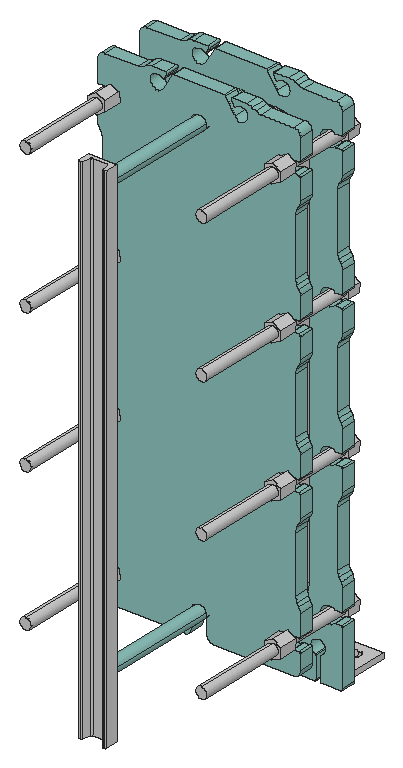
Revit family "Ekin_Endüstriyel - MIT509", category Specialty Equipment, Revit 2022
Family settings
  Round Connector Dimension = Use Diameter
  Part Type = Normal
  Work Plane-Based = No
  Always vertical = No
  Cut with Voids When Loaded = No
  Maintain Annotation Orientation = No
  Shared = No
  Room Calculation Point = No
Parameters (values of type "Threaded")
  URL = "https://en.ekinendustriyel.com/plate-heat-exchanger"
  Type Comments = ""
  Tightening Bolt [instance] = if(Design Pressure < 1006634.6 Pa, 16.00 mm, 30.00 mm)  # 16.00 mm
  Threaded Connection = yes
  Thickness_of_Plate [instance] = 0.50 mm  # constant formula
  Number_of_Plate [instance] = 20
  Model = if(Threaded Connection, if(Hygienic, if(Design Pressure < 1100000.0 Pa, "H12340000DD50L", if(Design Pressure < 1600000.0 Pa, " H12340000DD50M", " H12340000DD50H")), if(Design Pressure < 1000000.0 Pa, "E1234000DD50L", if(Design Pressure < 1600000.0 Pa, " E12340000DD50M", " E12340000DD50H"))), if(Hygienic, if(Design Pressure < 1100000.0 Pa, "H12340000F50L", if(Design Pressure < 1600000.0 Pa, " H12340000F50M", " H12340000F50H")), if(Design Pressure < 1000000.0 Pa, "E12340000F50L", if(Design Pressure < 1600000.0 Pa, " E12340000F50M", " E12340000F50H"))))  # "H12340000DD50L"
  Material = Galvanized Steel- S235JR
  Manufacturer = "Ekin Endüstriyel"
  M30 [instance] = Design Pressure > 999739.8 Pa  # no
  M16 = Design Pressure < 999739.8 Pa  # yes
  Lk [instance] = (Number_of_Plate) * ((Thickness_of_Plate) + 2.30 mm)  # 56.00 mm
  Lh [instance] = 765.00 mm  # constant formula
  Lf [instance] = 715.00 mm  # constant formula
  Lc [instance] = if(Number_of_Plate < 41, 250.00 mm, if(Number_of_Plate < 71, 350.00 mm, if(Number_of_Plate < 106, 500.00 mm, if(Number_of_Plate < 171, 750.00 mm, 1000.00 mm))))  # 250.00 mm
  La [instance] = 292.00 mm  # constant formula
  Keynote = ""
  Industrial [instance] = not(Hygienic)  # no
  Hygienic = yes
  Head & Follower Plate [instance] = if(Design Pressure < 1006634.6 Pa, 20.00 mm, if(Design Pressure < 1606478.4 Pa, 25.00 mm, 30.00 mm))  # 20.00 mm
  Follower Plate [instance] = -(Head & Follower Plate)  # -20.00 mm
  Flange Connection [instance] = not(Threaded Connection)  # no
  Design Pressure = 101.526 psi
  Description = if(Design Pressure < 1006634.6 Pa, "MIT - Heat Exchanger - 10 bar", if(Design Pressure < 1599583.7 Pa, " MIT - Heat Exchanger - 16 bar", " MIT - Heat Exchanger - 25 bar"))  # "MIT - Heat Exchanger - 10 bar"
  Default Elevation = 0.00 mm
Reference planes
  plane 1 "Center (Front/Back)": y = 0
  plane 2: z = 0
  plane 3 "Center (Left/Right)": x = 0
  plane 4: x = 1160
  plane 5: x = -1000
  plane 6 "2": y = -76
  plane 7 "1": y = -20
  plane 8 "3": y = -270
  plane 9 "Bolt End": y = 18.7
  plane 10: y = -250
Forms (mm)
  Extrusion 1, solid, material "Galvanized Steel", detail levels fine
    sketch origin (0, 0, 0) x (1, 0, 0) y (0, 0, 1)
      loop
        arc (48.453, 765) -> (46.721, 764) -> (46.721, 762) r 2
        line (46.721, 762) -> (49.979, 756.357)
        arc (49.979, 756.357) -> (51.39, 755.383) -> (53.037, 755.86) r 2
        arc (53.037, 755.86) -> (70.364, 746.316) -> (50.907, 742.75) r 10.5
        line (50.907, 742.75) -> (38.638, 764)
        arc (38.638, 764) -> (37.906, 764.732) -> (36.906, 765) r 2
        line (36.906, 765) -> (-36.906, 765)
        arc (-36.906, 765) -> (-37.906, 764.732) -> (-38.638, 764) r 2
        line (-38.638, 764) -> (-50.907, 742.75)
        arc (-50.907, 742.75) -> (-70.364, 746.316) -> (-53.037, 755.86) r 10.5
        arc (-53.037, 755.86) -> (-51.39, 755.383) -> (-49.979, 756.357) r 2
        line (-49.979, 756.357) -> (-46.721, 762)
        arc (-46.721, 762) -> (-46.721, 764) -> (-48.453, 765) r 2
        line (-48.453, 765) -> (-68.981, 765)
        arc (-68.981, 765) -> (-72.863, 764.489) -> (-76.481, 762.99) r 15
        line (-76.481, 762.99) -> (-81.644, 760.01)
        arc (-81.644, 760.01) -> (-85.261, 758.511) -> (-89.144, 758) r 15
        line (-89.144, 758) -> (-136, 758)
        arc (-136, 758) -> (-143.071, 755.071) -> (-146, 748) r 10
        line (-146, 748) -> (-146, 718.25)
        arc (-146, 718.25) -> (-145.414, 716.836) -> (-144, 716.25) r 2
        line (-144, 716.25) -> (-135.769, 716.25)
        arc (-135.769, 716.25) -> (-135.087, 716.37) -> (-134.487, 716.714) r 2
        arc (-134.487, 716.714) -> (-114.8, 707.5) -> (-134.487, 698.286) r 12
        arc (-134.487, 698.286) -> (-135.087, 698.63) -> (-135.769, 698.75) r 2
        line (-135.769, 698.75) -> (-144, 698.75)
        arc (-144, 698.75) -> (-145.414, 698.164) -> (-146, 696.75) r 2
        line (-146, 696.75) -> (-146, 666.144)
        arc (-146, 666.144) -> (-145.489, 662.261) -> (-143.99, 658.644) r 15
        line (-143.99, 658.644) -> (-141.01, 653.481)
        arc (-141.01, 653.481) -> (-139.511, 649.863) -> (-139, 645.981) r 15
        line (-139, 645.981) -> (-139, 564.019)
        arc (-139, 564.019) -> (-139.511, 560.137) -> (-141.01, 556.519) r 15
        line (-141.01, 556.519) -> (-143.99, 551.356)
        arc (-143.99, 551.356) -> (-145.489, 547.739) -> (-146, 543.856) r 15
        line (-146, 543.856) -> (-146, 513.25)
        arc (-146, 513.25) -> (-145.414, 511.836) -> (-144, 511.25) r 2
        line (-144, 511.25) -> (-135.769, 511.25)
        arc (-135.769, 511.25) -> (-135.087, 511.37) -> (-134.487, 511.714) r 2
        arc (-134.487, 511.714) -> (-114.8, 502.5) -> (-134.487, 493.286) r 12
        arc (-134.487, 493.286) -> (-135.087, 493.63) -> (-135.769, 493.75) r 2
        line (-135.769, 493.75) -> (-144, 493.75)
        arc (-144, 493.75) -> (-145.414, 493.164) -> (-146, 491.75) r 2
        line (-146, 491.75) -> (-146, 461.144)
        arc (-146, 461.144) -> (-145.489, 457.261) -> (-143.99, 453.644) r 15
        line (-143.99, 453.644) -> (-141.01, 448.481)
        arc (-141.01, 448.481) -> (-139.511, 444.863) -> (-139, 440.981) r 15
        line (-139, 440.981) -> (-139, 359.019)
        arc (-139, 359.019) -> (-139.511, 355.137) -> (-141.01, 351.519) r 15
        line (-141.01, 351.519) -> (-143.99, 346.356)
        arc (-143.99, 346.356) -> (-145.489, 342.739) -> (-146, 338.856) r 15
        line (-146, 338.856) -> (-146, 308.25)
        arc (-146, 308.25) -> (-145.414, 306.836) -> (-144, 306.25) r 2
        line (-144, 306.25) -> (-135.769, 306.25)
        arc (-135.769, 306.25) -> (-135.087, 306.37) -> (-134.487, 306.714) r 2
        arc (-134.487, 306.714) -> (-114.8, 297.5) -> (-134.487, 288.286) r 12
        arc (-134.487, 288.286) -> (-135.087, 288.63) -> (-135.769, 288.75) r 2
        line (-135.769, 288.75) -> (-144, 288.75)
        arc (-144, 288.75) -> (-145.414, 288.164) -> (-146, 286.75) r 2
        line (-146, 286.75) -> (-146, 256.144)
        arc (-146, 256.144) -> (-145.489, 252.261) -> (-143.99, 248.644) r 15
        line (-143.99, 248.644) -> (-141.01, 243.481)
        arc (-141.01, 243.481) -> (-139.511, 239.863) -> (-139, 235.981) r 15
        line (-139, 235.981) -> (-139, 154.019)
        arc (-139, 154.019) -> (-139.511, 150.137) -> (-141.01, 146.519) r 15
        line (-141.01, 146.519) -> (-143.99, 141.356)
        arc (-143.99, 141.356) -> (-145.489, 137.739) -> (-146, 133.856) r 15
        line (-146, 133.856) -> (-146, 103.25)
        arc (-146, 103.25) -> (-145.414, 101.836) -> (-144, 101.25) r 2
        line (-144, 101.25) -> (-135.769, 101.25)
        arc (-135.769, 101.25) -> (-135.087, 101.37) -> (-134.487, 101.714) r 2
        arc (-134.487, 101.714) -> (-114.8, 92.5) -> (-134.487, 83.286) r 12
        arc (-134.487, 83.286) -> (-135.087, 83.63) -> (-135.769, 83.75) r 2
        line (-135.769, 83.75) -> (-144, 83.75)
        arc (-144, 83.75) -> (-145.414, 83.164) -> (-146, 81.75) r 2
        line (-146, 81.75) -> (-146, 3)
        arc (-146, 3) -> (-145.121, 0.879) -> (-143, 0) r 3
        line (-143, 0) -> (-116, 0)
        arc (-116, 0) -> (-114.586, 0.586) -> (-114, 2) r 2
        line (-114, 2) -> (-114, 33.544)
        arc (-114, 33.544) -> (-114.327, 34.639) -> (-115.2, 35.377) r 2
        arc (-115.2, 35.377) -> (-111, 55.5) -> (-106.8, 35.377) r 10.5
        arc (-106.8, 35.377) -> (-107.673, 34.639) -> (-108, 33.544) r 2
        line (-108, 33.544) -> (-108, 2)
        arc (-108, 2) -> (-107.414, 0.586) -> (-106, 0) r 2
        line (-106, 0) -> (-79, 0)
        arc (-79, 0) -> (-76.879, 0.879) -> (-76, 3) r 3
        line (-76, 3) -> (-76, 18.787)
        arc (-76, 18.787) -> (-74.858, 24.527) -> (-71.607, 29.393) r 15
        line (-71.607, 29.393) -> (-55.393, 45.607)
        arc (-55.393, 45.607) -> (-50.527, 48.858) -> (-44.787, 50) r 15
        line (-44.787, 50) -> (44.787, 50)
        arc (44.787, 50) -> (50.527, 48.858) -> (55.393, 45.607) r 15
        line (55.393, 45.607) -> (71.607, 29.393)
        arc (71.607, 29.393) -> (74.858, 24.527) -> (76, 18.787) r 15
        line (76, 18.787) -> (76, 3)
        arc (76, 3) -> (76.879, 0.879) -> (79, 0) r 3
        line (79, 0) -> (106, 0)
        arc (106, 0) -> (107.414, 0.586) -> (108, 2) r 2
        line (108, 2) -> (108, 33.544)
        arc (108, 33.544) -> (107.673, 34.639) -> (106.8, 35.377) r 2
        arc (106.8, 35.377) -> (111, 55.5) -> (115.2, 35.377) r 10.5
        arc (115.2, 35.377) -> (114.327, 34.639) -> (114, 33.544) r 2
        line (114, 33.544) -> (114, 2)
        arc (114, 2) -> (114.586, 0.586) -> (116, 0) r 2
        line (116, 0) -> (143, 0)
        arc (143, 0) -> (145.121, 0.879) -> (146, 3) r 3
        line (146, 3) -> (146, 81.75)
        arc (146, 81.75) -> (145.414, 83.164) -> (144, 83.75) r 2
        line (144, 83.75) -> (135.769, 83.75)
        arc (135.769, 83.75) -> (135.087, 83.63) -> (134.487, 83.286) r 2
        arc (134.487, 83.286) -> (114.8, 92.5) -> (134.487, 101.714) r 12
        arc (134.487, 101.714) -> (135.087, 101.37) -> (135.769, 101.25) r 2
        line (135.769, 101.25) -> (144, 101.25)
        arc (144, 101.25) -> (145.414, 101.836) -> (146, 103.25) r 2
        line (146, 103.25) -> (146, 133.856)
        arc (146, 133.856) -> (145.489, 137.739) -> (143.99, 141.356) r 15
        line (143.99, 141.356) -> (141.01, 146.519)
        arc (141.01, 146.519) -> (139.511, 150.137) -> (139, 154.019) r 15
        line (139, 154.019) -> (139, 235.981)
        arc (139, 235.981) -> (139.511, 239.863) -> (141.01, 243.481) r 15
        line (141.01, 243.481) -> (143.99, 248.644)
        arc (143.99, 248.644) -> (145.489, 252.261) -> (146, 256.144) r 15
        line (146, 256.144) -> (146, 286.75)
        arc (146, 286.75) -> (145.414, 288.164) -> (144, 288.75) r 2
        line (144, 288.75) -> (135.769, 288.75)
        arc (135.769, 288.75) -> (135.087, 288.63) -> (134.487, 288.286) r 2
        arc (134.487, 288.286) -> (114.8, 297.5) -> (134.487, 306.714) r 12
        arc (134.487, 306.714) -> (135.087, 306.37) -> (135.769, 306.25) r 2
        line (135.769, 306.25) -> (144, 306.25)
        arc (144, 306.25) -> (145.414, 306.836) -> (146, 308.25) r 2
        line (146, 308.25) -> (146, 338.856)
        arc (146, 338.856) -> (145.489, 342.739) -> (143.99, 346.356) r 15
        line (143.99, 346.356) -> (141.01, 351.519)
        arc (141.01, 351.519) -> (139.511, 355.137) -> (139, 359.019) r 15
        line (139, 359.019) -> (139, 440.981)
        arc (139, 440.981) -> (139.511, 444.863) -> (141.01, 448.481) r 15
        line (141.01, 448.481) -> (143.99, 453.644)
        arc (143.99, 453.644) -> (145.489, 457.261) -> (146, 461.144) r 15
        line (146, 461.144) -> (146, 491.75)
        arc (146, 491.75) -> (145.414, 493.164) -> (144, 493.75) r 2
        line (144, 493.75) -> (135.769, 493.75)
        arc (135.769, 493.75) -> (135.087, 493.63) -> (134.487, 493.286) r 2
        arc (134.487, 493.286) -> (114.8, 502.5) -> (134.487, 511.714) r 12
        arc (134.487, 511.714) -> (135.087, 511.37) -> (135.769, 511.25) r 2
        line (135.769, 511.25) -> (144, 511.25)
        arc (144, 511.25) -> (145.414, 511.836) -> (146, 513.25) r 2
        line (146, 513.25) -> (146, 543.856)
        arc (146, 543.856) -> (145.489, 547.739) -> (143.99, 551.356) r 15
        line (143.99, 551.356) -> (141.01, 556.519)
        arc (141.01, 556.519) -> (139.511, 560.137) -> (139, 564.019) r 15
        line (139, 564.019) -> (139, 645.981)
        arc (139, 645.981) -> (139.511, 649.863) -> (141.01, 653.481) r 15
        line (141.01, 653.481) -> (143.99, 658.644)
        arc (143.99, 658.644) -> (145.489, 662.261) -> (146, 666.144) r 15
        line (146, 666.144) -> (146, 696.75)
        arc (146, 696.75) -> (145.414, 698.164) -> (144, 698.75) r 2
        line (144, 698.75) -> (135.769, 698.75)
        arc (135.769, 698.75) -> (135.087, 698.63) -> (134.487, 698.286) r 2
        arc (134.487, 698.286) -> (114.8, 707.5) -> (134.487, 716.714) r 12
        arc (134.487, 716.714) -> (135.087, 716.37) -> (135.769, 716.25) r 2
        line (135.769, 716.25) -> (144, 716.25)
        arc (144, 716.25) -> (145.414, 716.836) -> (146, 718.25) r 2
        line (146, 718.25) -> (146, 748)
        arc (146, 748) -> (143.071, 755.071) -> (136, 758) r 10
        line (136, 758) -> (89.144, 758)
        arc (89.144, 758) -> (85.261, 758.511) -> (81.644, 760.01) r 15
        line (81.644, 760.01) -> (76.481, 762.99)
        arc (76.481, 762.99) -> (72.863, 764.489) -> (68.981, 765) r 15
        line (68.981, 765) -> (48.453, 765)
      loop
        circle (50, 673) r 32
      loop
        circle (0, 716) r 6.25
      loop
        circle (50, 127) r 32
      loop
        circle (0, 84) r 9.5
      loop
        circle (-50, 673) r 32
      loop
        circle (-50, 127) r 32
    from 0 to 20 <- "Head & Follower Plate"
  Extrusion 2, solid, material "AISI 316L/Titanium/Hastelloy", detail levels fine
    sketch origin (0, -20, 0) x (-1, 0, 0) y (0, 0, 1)
      loop
        arc (-50, 721) -> (-83.234, 707.234) -> (-97, 674) r 47
        line (-97, 674) -> (-97, 123)
        arc (-97, 123) -> (-83.234, 89.766) -> (-50, 76) r 47
        line (-50, 76) -> (-9.5, 76) -> (-9.5, 83)
        arc (-9.5, 83) -> (0, 92.5) -> (9.5, 83) r 9.5
        line (9.5, 83) -> (9.5, 76) -> (50, 76)
        arc (50, 76) -> (83.234, 89.766) -> (97, 123) r 47
        line (97, 123) -> (97, 674)
        arc (97, 674) -> (83.234, 707.234) -> (50, 721) r 47
        line (50, 721) -> (9.5, 721) -> (9.5, 713)
        arc (9.5, 713) -> (0, 703.5) -> (-9.5, 713) r 9.5
        line (-9.5, 713) -> (-9.5, 721) -> (-50, 721)
      loop
        circle (-50, 127) r 32
      loop
        circle (50, 127) r 32
      loop
        circle (50, 673) r 32
      loop
        circle (-50, 673) r 32
    from 0 to -56
  Extrusion 3, solid, material "Galvanized Steel", detail levels fine
    sketch origin (0, -76, 0) x (-1, 0, 0) y (0, 0, 1)
      loop
        line (-48.453, 765) -> (-68.981, 765)
        arc (-68.981, 765) -> (-72.863, 764.489) -> (-76.481, 762.99) r 15
        line (-76.481, 762.99) -> (-81.644, 760.01)
        arc (-81.644, 760.01) -> (-85.261, 758.511) -> (-89.144, 758) r 15
        line (-89.144, 758) -> (-136, 758)
        arc (-136, 758) -> (-143.071, 755.071) -> (-146, 748) r 10
        line (-146, 748) -> (-146, 718.25)
        arc (-146, 718.25) -> (-145.414, 716.836) -> (-144, 716.25) r 2
        line (-144, 716.25) -> (-135.769, 716.25)
        arc (-135.769, 716.25) -> (-135.087, 716.37) -> (-134.487, 716.714) r 2
        arc (-134.487, 716.714) -> (-114.8, 707.5) -> (-134.487, 698.286) r 12
        arc (-134.487, 698.286) -> (-135.087, 698.63) -> (-135.769, 698.75) r 2
        line (-135.769, 698.75) -> (-144, 698.75)
        arc (-144, 698.75) -> (-145.414, 698.164) -> (-146, 696.75) r 2
        line (-146, 696.75) -> (-146, 666.144)
        arc (-146, 666.144) -> (-145.489, 662.261) -> (-143.99, 658.644) r 15
        line (-143.99, 658.644) -> (-141.01, 653.481)
        arc (-141.01, 653.481) -> (-139.511, 649.863) -> (-139, 645.981) r 15
        line (-139, 645.981) -> (-139, 564.019)
        arc (-139, 564.019) -> (-139.511, 560.137) -> (-141.01, 556.519) r 15
        line (-141.01, 556.519) -> (-143.99, 551.356)
        arc (-143.99, 551.356) -> (-145.489, 547.739) -> (-146, 543.856) r 15
        line (-146, 543.856) -> (-146, 513.25)
        arc (-146, 513.25) -> (-145.414, 511.836) -> (-144, 511.25) r 2
        line (-144, 511.25) -> (-135.769, 511.25)
        arc (-135.769, 511.25) -> (-135.087, 511.37) -> (-134.487, 511.714) r 2
        arc (-134.487, 511.714) -> (-114.8, 502.5) -> (-134.487, 493.286) r 12
        arc (-134.487, 493.286) -> (-135.087, 493.63) -> (-135.769, 493.75) r 2
        line (-135.769, 493.75) -> (-144, 493.75)
        arc (-144, 493.75) -> (-145.414, 493.164) -> (-146, 491.75) r 2
        line (-146, 491.75) -> (-146, 461.144)
        arc (-146, 461.144) -> (-145.489, 457.261) -> (-143.99, 453.644) r 15
        line (-143.99, 453.644) -> (-141.01, 448.481)
        arc (-141.01, 448.481) -> (-139.511, 444.863) -> (-139, 440.981) r 15
        line (-139, 440.981) -> (-139, 359.019)
        arc (-139, 359.019) -> (-139.511, 355.137) -> (-141.01, 351.519) r 15
        line (-141.01, 351.519) -> (-143.99, 346.356)
        arc (-143.99, 346.356) -> (-145.489, 342.739) -> (-146, 338.856) r 15
        line (-146, 338.856) -> (-146, 308.25)
        arc (-146, 308.25) -> (-145.414, 306.836) -> (-144, 306.25) r 2
        line (-144, 306.25) -> (-135.769, 306.25)
        arc (-135.769, 306.25) -> (-135.087, 306.37) -> (-134.487, 306.714) r 2
        arc (-134.487, 306.714) -> (-114.8, 297.5) -> (-134.487, 288.286) r 12
        arc (-134.487, 288.286) -> (-135.087, 288.63) -> (-135.769, 288.75) r 2
        line (-135.769, 288.75) -> (-144, 288.75)
        arc (-144, 288.75) -> (-145.414, 288.164) -> (-146, 286.75) r 2
        line (-146, 286.75) -> (-146, 256.144)
        arc (-146, 256.144) -> (-145.489, 252.261) -> (-143.99, 248.644) r 15
        line (-143.99, 248.644) -> (-141.01, 243.481)
        arc (-141.01, 243.481) -> (-139.511, 239.863) -> (-139, 235.981) r 15
        line (-139, 235.981) -> (-139, 154.019)
        arc (-139, 154.019) -> (-139.511, 150.137) -> (-141.01, 146.519) r 15
        line (-141.01, 146.519) -> (-143.99, 141.356)
        arc (-143.99, 141.356) -> (-145.489, 137.739) -> (-146, 133.856) r 15
        line (-146, 133.856) -> (-146, 103.25)
        arc (-146, 103.25) -> (-145.414, 101.836) -> (-144, 101.25) r 2
        line (-144, 101.25) -> (-135.769, 101.25)
        arc (-135.769, 101.25) -> (-135.087, 101.37) -> (-134.487, 101.714) r 2
        arc (-134.487, 101.714) -> (-114.8, 92.5) -> (-134.487, 83.286) r 12
        arc (-134.487, 83.286) -> (-135.087, 83.63) -> (-135.769, 83.75) r 2
        line (-135.769, 83.75) -> (-144, 83.75)
        arc (-144, 83.75) -> (-145.414, 83.164) -> (-146, 81.75) r 2
        line (-146, 81.75) -> (-146, 60)
        arc (-146, 60) -> (-143.071, 52.929) -> (-136, 50) r 10
        line (-136, 50) -> (-21, 50)
        arc (-21, 50) -> (-13.929, 52.929) -> (-11, 60) r 10
        line (-11, 60) -> (-11, 84)
        arc (-11, 84) -> (0, 95) -> (11, 84) r 11
        line (11, 84) -> (11, 60)
        arc (11, 60) -> (13.929, 52.929) -> (21, 50) r 10
        line (21, 50) -> (136, 50)
        arc (136, 50) -> (143.071, 52.929) -> (146, 60) r 10
        line (146, 60) -> (146, 81.75)
        arc (146, 81.75) -> (145.414, 83.164) -> (144, 83.75) r 2
        line (144, 83.75) -> (135.769, 83.75)
        arc (135.769, 83.75) -> (135.087, 83.63) -> (134.487, 83.286) r 2
        arc (134.487, 83.286) -> (114.8, 92.5) -> (134.487, 101.714) r 12
        arc (134.487, 101.714) -> (135.087, 101.37) -> (135.769, 101.25) r 2
        line (135.769, 101.25) -> (144, 101.25)
        arc (144, 101.25) -> (145.414, 101.836) -> (146, 103.25) r 2
        line (146, 103.25) -> (146, 133.856)
        arc (146, 133.856) -> (145.489, 137.739) -> (143.99, 141.356) r 15
        line (143.99, 141.356) -> (141.01, 146.519)
        arc (141.01, 146.519) -> (139.511, 150.137) -> (139, 154.019) r 15
        line (139, 154.019) -> (139, 235.981)
        arc (139, 235.981) -> (139.511, 239.863) -> (141.01, 243.481) r 15
        line (141.01, 243.481) -> (143.99, 248.644)
        arc (143.99, 248.644) -> (145.489, 252.261) -> (146, 256.144) r 15
        line (146, 256.144) -> (146, 286.75)
        arc (146, 286.75) -> (145.414, 288.164) -> (144, 288.75) r 2
        line (144, 288.75) -> (135.769, 288.75)
        arc (135.769, 288.75) -> (135.087, 288.63) -> (134.487, 288.286) r 2
        arc (134.487, 288.286) -> (114.8, 297.5) -> (134.487, 306.714) r 12
        arc (134.487, 306.714) -> (135.087, 306.37) -> (135.769, 306.25) r 2
        line (135.769, 306.25) -> (144, 306.25)
        arc (144, 306.25) -> (145.414, 306.836) -> (146, 308.25) r 2
        line (146, 308.25) -> (146, 338.856)
        arc (146, 338.856) -> (145.489, 342.739) -> (143.99, 346.356) r 15
        line (143.99, 346.356) -> (141.01, 351.519)
        arc (141.01, 351.519) -> (139.511, 355.137) -> (139, 359.019) r 15
        line (139, 359.019) -> (139, 440.981)
        arc (139, 440.981) -> (139.511, 444.863) -> (141.01, 448.481) r 15
        line (141.01, 448.481) -> (143.99, 453.644)
        arc (143.99, 453.644) -> (145.489, 457.261) -> (146, 461.144) r 15
        line (146, 461.144) -> (146, 491.75)
        arc (146, 491.75) -> (145.414, 493.164) -> (144, 493.75) r 2
        line (144, 493.75) -> (135.769, 493.75)
        arc (135.769, 493.75) -> (135.087, 493.63) -> (134.487, 493.286) r 2
        arc (134.487, 493.286) -> (114.8, 502.5) -> (134.487, 511.714) r 12
        arc (134.487, 511.714) -> (135.087, 511.37) -> (135.769, 511.25) r 2
        line (135.769, 511.25) -> (144, 511.25)
        arc (144, 511.25) -> (145.414, 511.836) -> (146, 513.25) r 2
        line (146, 513.25) -> (146, 543.856)
        arc (146, 543.856) -> (145.489, 547.739) -> (143.99, 551.356) r 15
        line (143.99, 551.356) -> (141.01, 556.519)
        arc (141.01, 556.519) -> (139.511, 560.137) -> (139, 564.019) r 15
        line (139, 564.019) -> (139, 645.981)
        arc (139, 645.981) -> (139.511, 649.863) -> (141.01, 653.481) r 15
        line (141.01, 653.481) -> (143.99, 658.644)
        arc (143.99, 658.644) -> (145.489, 662.261) -> (146, 666.144) r 15
        line (146, 666.144) -> (146, 696.75)
        arc (146, 696.75) -> (145.414, 698.164) -> (144, 698.75) r 2
        line (144, 698.75) -> (135.769, 698.75)
        arc (135.769, 698.75) -> (135.087, 698.63) -> (134.487, 698.286) r 2
        arc (134.487, 698.286) -> (114.8, 707.5) -> (134.487, 716.714) r 12
        arc (134.487, 716.714) -> (135.087, 716.37) -> (135.769, 716.25) r 2
        line (135.769, 716.25) -> (144, 716.25)
        arc (144, 716.25) -> (145.414, 716.836) -> (146, 718.25) r 2
        line (146, 718.25) -> (146, 748)
        arc (146, 748) -> (143.071, 755.071) -> (136, 758) r 10
        line (136, 758) -> (89.144, 758)
        arc (89.144, 758) -> (85.261, 758.511) -> (81.644, 760.01) r 15
        line (81.644, 760.01) -> (76.481, 762.99)
        arc (76.481, 762.99) -> (72.863, 764.489) -> (68.981, 765) r 15
        line (68.981, 765) -> (48.453, 765)
        arc (48.453, 765) -> (46.721, 764) -> (46.721, 762) r 2
        line (46.721, 762) -> (49.979, 756.357)
        arc (49.979, 756.357) -> (51.39, 755.383) -> (53.037, 755.86) r 2
        arc (53.037, 755.86) -> (70.364, 746.316) -> (50.907, 742.75) r 10.5
        line (50.907, 742.75) -> (38.638, 764)
        arc (38.638, 764) -> (37.906, 764.732) -> (36.906, 765) r 2
        line (36.906, 765) -> (-36.906, 765)
        arc (-36.906, 765) -> (-37.906, 764.732) -> (-38.638, 764) r 2
        line (-38.638, 764) -> (-50.907, 742.75)
        arc (-50.907, 742.75) -> (-70.364, 746.316) -> (-53.037, 755.86) r 10.5
        arc (-53.037, 755.86) -> (-51.39, 755.383) -> (-49.979, 756.357) r 2
        line (-49.979, 756.357) -> (-46.721, 762)
        arc (-46.721, 762) -> (-46.721, 764) -> (-48.453, 765) r 2
      loop
        circle (0, 716) r 11
    from -20 <- "Follower Plate" to 0
  Extrusion 4, solid, material "Galvanized Steel"
    sketch origin (0, -20, 0) x (-1, 0, 0) y (0, 0, 1)
      loop
        circle (0, 716) r 9.5
      loop
        circle (0, 84) r 9.5
    from -250 to 0
  Extrusion 5, solid, material "Galvanized Steel- S235JR"
    sketch origin (0, 0, 0) x (1, 0, 0) y (0, 0, 1)
      loop
        circle (126.8, 707.5) r 8
      loop
        circle (126.8, 502.5) r 8
      loop
        circle (126.8, 297.5) r 8
      loop
        circle (126.8, 92.5) r 8
      loop
        circle (-126.8, 92.5) r 8
      loop
        circle (-126.8, 297.5) r 8
      loop
        circle (-126.8, 502.5) r 8
      loop
        circle (-126.8, 707.5) r 8
    from 250 to 0
  Extrusion 6, solid, material "Painted Stell", detail levels medium+fine
    sketch origin (0, 0, 318) x (-1, 0, 0) y (0, -1, 0)
      loop
        line (-20, 270) -> (20, 270) -> (20, 287.489)
        arc (20, 287.489) -> (19.561, 288.55) -> (18.5, 288.989) r 1.5
        line (18.5, 288.989) -> (16.254, 288.989)
        arc (16.254, 288.989) -> (15.291, 288.639) -> (14.777, 287.753) r 1.5
        line (14.777, 287.753) -> (12.868, 277.061)
        arc (12.868, 277.061) -> (12.012, 275.583) -> (10.407, 275) r 2.5
        line (10.407, 275) -> (-10.407, 275)
        arc (-10.407, 275) -> (-12.012, 275.583) -> (-12.868, 277.061) r 2.5
        line (-12.868, 277.061) -> (-14.777, 287.753)
        arc (-14.777, 287.753) -> (-15.291, 288.639) -> (-16.254, 288.989) r 1.5
        line (-16.254, 288.989) -> (-18.5, 288.989)
        arc (-18.5, 288.989) -> (-19.561, 288.55) -> (-20, 287.489) r 1.5
        line (-20, 287.489) -> (-20, 270)
    from -318 to 427
  Extrusion 7, solid, material "Galvanized Steel- S235JR", visible <- "M16", detail levels medium+fine
    sketch origin (0, 0, 0) x (1, 0, 0) y (0, 0, 1)
      loop
        line (127.67, 721.329) -> (115.259, 715.168) -> (114.389, 701.339) -> (125.93, 693.671) -> (138.341, 699.832) -> (139.211, 713.661) -> (127.67, 721.329)
      loop
        line (115.259, 510.168) -> (114.389, 496.339) -> (125.93, 488.671) -> (138.341, 494.832) -> (139.211, 508.661) -> (127.67, 516.329) -> (115.259, 510.168)
      loop
        line (139.211, 303.661) -> (127.67, 311.329) -> (115.259, 305.168) -> (114.389, 291.339) -> (125.93, 283.671) -> (138.341, 289.832) -> (139.211, 303.661)
      loop
        line (114.389, 86.339) -> (125.93, 78.671) -> (138.341, 84.832) -> (139.211, 98.661) -> (127.67, 106.329) -> (115.259, 100.168) -> (114.389, 86.339)
      loop
        line (-127.67, 721.329) -> (-139.211, 713.661) -> (-138.341, 699.832) -> (-125.93, 693.671) -> (-114.389, 701.339) -> (-115.259, 715.168) -> (-127.67, 721.329)
      loop
        line (-115.259, 510.168) -> (-127.67, 516.329) -> (-139.211, 508.661) -> (-138.341, 494.832) -> (-125.93, 488.671) -> (-114.389, 496.339) -> (-115.259, 510.168)
      loop
        line (-139.211, 303.661) -> (-138.341, 289.832) -> (-125.93, 283.671) -> (-114.389, 291.339) -> (-115.259, 305.168) -> (-127.67, 311.329) -> (-139.211, 303.661)
      loop
        line (-114.389, 86.339) -> (-115.259, 100.168) -> (-127.67, 106.329) -> (-139.211, 98.661) -> (-138.341, 84.832) -> (-125.93, 78.671) -> (-114.389, 86.339)
    from 0 to -18.7
  Extrusion 8, solid, material "Galvanized Steel- S235JR"
    sketch origin (0, -96, 0) x (1, 0, 0) y (0, 0, 1)
      loop
        line (127.67, 721.329) -> (115.259, 715.168) -> (114.389, 701.339) -> (125.93, 693.671) -> (138.341, 699.832) -> (139.211, 713.661) -> (127.67, 721.329)
      loop
        line (115.259, 510.168) -> (114.389, 496.339) -> (125.93, 488.671) -> (138.341, 494.832) -> (139.211, 508.661) -> (127.67, 516.329) -> (115.259, 510.168)
      loop
        line (139.211, 303.661) -> (127.67, 311.329) -> (115.259, 305.168) -> (114.389, 291.339) -> (125.93, 283.671) -> (138.341, 289.832) -> (139.211, 303.661)
      loop
        line (114.389, 86.339) -> (125.93, 78.671) -> (138.341, 84.832) -> (139.211, 98.661) -> (127.67, 106.329) -> (115.259, 100.168) -> (114.389, 86.339)
      loop
        line (-127.67, 721.329) -> (-139.211, 713.661) -> (-138.341, 699.832) -> (-125.93, 693.671) -> (-114.389, 701.339) -> (-115.259, 715.168) -> (-127.67, 721.329)
      loop
        line (-115.259, 510.168) -> (-127.67, 516.329) -> (-139.211, 508.661) -> (-138.341, 494.832) -> (-125.93, 488.671) -> (-114.389, 496.339) -> (-115.259, 510.168)
      loop
        line (-139.211, 303.661) -> (-138.341, 289.832) -> (-125.93, 283.671) -> (-114.389, 291.339) -> (-115.259, 305.168) -> (-127.67, 311.329) -> (-139.211, 303.661)
      loop
        line (-114.389, 86.339) -> (-115.259, 100.168) -> (-127.67, 106.329) -> (-139.211, 98.661) -> (-138.341, 84.832) -> (-125.93, 78.671) -> (-114.389, 86.339)
    from 0 to 26.7
  Extrusion 9, solid, material "Galvanized Steel- S235JR", visible <- "M30", detail levels medium+fine
    sketch origin (0, -96, 0) x (1, 0, 0) y (0, 0, 1)
      loop
        line (128.541, 735.158) -> (103.718, 722.837) -> (101.977, 695.178) -> (125.059, 679.842) -> (149.882, 692.163) -> (151.623, 719.822) -> (128.541, 735.158)
      loop
        line (-128.541, 735.158) -> (-151.623, 719.822) -> (-149.882, 692.163) -> (-125.059, 679.842) -> (-101.977, 695.178) -> (-103.718, 722.837) -> (-128.541, 735.158)
      loop
        line (-103.718, 517.837) -> (-128.541, 530.158) -> (-151.623, 514.822) -> (-149.882, 487.163) -> (-125.059, 474.842) -> (-101.977, 490.178) -> (-103.718, 517.837)
      loop
        line (-151.623, 309.822) -> (-149.882, 282.163) -> (-125.059, 269.842) -> (-101.977, 285.178) -> (-103.718, 312.837) -> (-128.541, 325.158) -> (-151.623, 309.822)
      loop
        line (-101.977, 80.178) -> (-103.718, 107.837) -> (-128.541, 120.158) -> (-151.623, 104.822) -> (-149.882, 77.163) -> (-125.059, 64.842) -> (-101.977, 80.178)
      loop
        line (103.718, 517.837) -> (101.977, 490.178) -> (125.059, 474.842) -> (149.882, 487.163) -> (151.623, 514.822) -> (128.541, 530.158) -> (103.718, 517.837)
      loop
        line (151.623, 309.822) -> (128.541, 325.158) -> (103.718, 312.837) -> (101.977, 285.178) -> (125.059, 269.842) -> (149.882, 282.163) -> (151.623, 309.822)
      loop
        line (101.977, 80.178) -> (125.059, 64.842) -> (149.882, 77.163) -> (151.623, 104.822) -> (128.541, 120.158) -> (103.718, 107.837) -> (101.977, 80.178)
    from 0 to 26.7
  Extrusion 10, solid, material "Galvanized Steel- S235JR", visible <- "M30", detail levels medium+fine
    sketch origin (0, 0, 0) x (1, 0, 0) y (0, 0, 1)
      loop
        line (128.541, 735.158) -> (103.718, 722.837) -> (101.977, 695.178) -> (125.059, 679.842) -> (149.882, 692.163) -> (151.623, 719.822) -> (128.541, 735.158)
      loop
        line (-128.541, 735.158) -> (-151.623, 719.822) -> (-149.882, 692.163) -> (-125.059, 679.842) -> (-101.977, 695.178) -> (-103.718, 722.837) -> (-128.541, 735.158)
      loop
        line (-103.718, 517.837) -> (-128.541, 530.158) -> (-151.623, 514.822) -> (-149.882, 487.163) -> (-125.059, 474.842) -> (-101.977, 490.178) -> (-103.718, 517.837)
      loop
        line (-151.623, 309.822) -> (-149.882, 282.163) -> (-125.059, 269.842) -> (-101.977, 285.178) -> (-103.718, 312.837) -> (-128.541, 325.158) -> (-151.623, 309.822)
      loop
        line (-101.977, 80.178) -> (-103.718, 107.837) -> (-128.541, 120.158) -> (-151.623, 104.822) -> (-149.882, 77.163) -> (-125.059, 64.842) -> (-101.977, 80.178)
      loop
        line (103.718, 517.837) -> (101.977, 490.178) -> (125.059, 474.842) -> (149.882, 487.163) -> (151.623, 514.822) -> (128.541, 530.158) -> (103.718, 517.837)
      loop
        line (151.623, 309.822) -> (128.541, 325.158) -> (103.718, 312.837) -> (101.977, 285.178) -> (125.059, 269.842) -> (149.882, 282.163) -> (151.623, 309.822)
      loop
        line (101.977, 80.178) -> (125.059, 64.842) -> (149.882, 77.163) -> (151.623, 104.822) -> (128.541, 120.158) -> (103.718, 107.837) -> (101.977, 80.178)
    from 0 to -20.261
  Extrusion 11, solid, material "Painted Stell", visible <- "Flange Connection", detail levels medium+fine
    sketch origin (0, 0, 0) x (1, 0, 0) y (0, 0, 1)
      loop
        line (89.5, 722) -> (10.5, 722) -> (1, 712.5) -> (1, 633.5) -> (10.5, 624) -> (89.5, 624) -> (99, 633.5) -> (99, 712.5) -> (89.5, 722)
      loop
        circle (50, 673) r 31.5
      loop
        line (-89.5, 722) -> (-99, 712.5) -> (-99, 633.5) -> (-89.5, 624) -> (-10.5, 624) -> (-1, 633.5) -> (-1, 712.5) -> (-10.5, 722) -> (-89.5, 722)
      loop
        circle (-50, 673) r 31.5
      loop
        line (89.5, 176) -> (10.5, 176) -> (1, 166.5) -> (1, 87.5) -> (10.5, 78) -> (89.5, 78) -> (99, 87.5) -> (99, 166.5) -> (89.5, 176)
      loop
        circle (50, 127) r 31.5
      loop
        line (-89.5, 176) -> (-99, 166.5) -> (-99, 87.5) -> (-89.5, 78) -> (-10.5, 78) -> (-1, 87.5) -> (-1, 166.5) -> (-10.5, 176) -> (-89.5, 176)
      loop
        circle (-50, 127) r 31.5
    from 0 to -15
  Extrusion 12, void
    sketch origin (-115, 70, 7.5) x (0, -1, 0) y (1, 0, 0)
      loop
        line (24.17, 13) -> (23.083, 13)
        arc (23.083, 13) -> (18.133, 10.95) -> (16.083, 6) r 7
        line (16.083, 6) -> (16.083, 2)
        arc (16.083, 2) -> (18.133, -2.95) -> (23.083, -5) r 7
        line (23.083, -5) -> (24.17, -5)
        spline (24.17, -5) -> (25.621, -4.86) -> (26.959, -4.639) -> (28.182, -4.337) -> (29.292, -3.955) -> (30.288, -3.493) -> (31.17, -2.95) -> (31.938, -2.326) -> (32.592, -1.622) -> (33.132, -0.837) -> (33.558, 0.028) -> (33.871, 0.974) -> (34.069, 2)
        line (34.069, 2) -> (34.069, 6)
        spline (34.069, 6) -> (33.871, 7.026) -> (33.558, 7.972) -> (33.132, 8.837) -> (32.592, 9.622) -> (31.938, 10.326) -> (31.17, 10.95) -> (30.288, 11.493) -> (29.292, 11.955) -> (28.182, 12.337) -> (26.959, 12.639) -> (25.621, 12.86) -> (24.17, 13)
      loop
        line (24.17, 235) -> (23.083, 235)
        arc (23.083, 235) -> (18.133, 232.95) -> (16.083, 228) r 7
        line (16.083, 228) -> (16.083, 224)
        arc (16.083, 224) -> (18.133, 219.05) -> (23.083, 217) r 7
        line (23.083, 217) -> (24.17, 217)
        spline (24.17, 217) -> (25.621, 217.14) -> (26.959, 217.361) -> (28.182, 217.663) -> (29.292, 218.045) -> (30.288, 218.507) -> (31.17, 219.05) -> (31.938, 219.674) -> (32.592, 220.378) -> (33.132, 221.163) -> (33.558, 222.028) -> (33.871, 222.974) -> (34.069, 224)
        line (34.069, 224) -> (34.069, 228)
        spline (34.069, 228) -> (33.871, 229.026) -> (33.558, 229.972) -> (33.132, 230.837) -> (32.592, 231.622) -> (31.938, 232.326) -> (31.17, 232.95) -> (30.288, 233.493) -> (29.292, 233.955) -> (28.182, 234.337) -> (26.959, 234.639) -> (25.621, 234.86) -> (24.17, 235)
    from 0 to -7.5
  Extrusion 13, solid, material "Galvanized Steel- S235JR"
    sketch origin (0, 0, 0) x (0, 1, 0) y (0, 0, 1)
      loop
        line (7.5, 7.5) -> (7.5, 67) -> (0, 67) -> (0, 0) -> (67, 0) -> (67, 7.5) -> (7.5, 7.5)
    from 87 to 135
  Extrusion 14, solid, material "Galvanized Steel- S235JR"
    sketch origin (0, 0, 0) x (0, 1, 0) y (0, 0, -1)
      loop
        line (7.5, -7.5) -> (67, -7.5) -> (67, 0) -> (0, 0) -> (0, -67) -> (7.5, -67) -> (7.5, -7.5)
    from 87 to 135
  Extrusion 15, solid, material "Painted Stell", visible <- "Flange Connection", detail levels fine
    sketch origin (0, 15, 0) x (-1, 0, 0) y (0, 0, 1)
      loop
        line (-90.139, 719.316) -> (-97.919, 707.158) -> (-91.279, 694.342) -> (-76.861, 693.684) -> (-69.081, 705.842) -> (-75.721, 718.658) -> (-90.139, 719.316)
      loop
        line (-8.721, 718.658) -> (-23.139, 719.316) -> (-30.919, 707.158) -> (-24.279, 694.342) -> (-9.861, 693.684) -> (-2.081, 705.842) -> (-8.721, 718.658)
      loop
        line (-2.081, 638.842) -> (-8.721, 651.658) -> (-23.139, 652.316) -> (-30.919, 640.158) -> (-24.279, 627.342) -> (-9.861, 626.684) -> (-2.081, 638.842)
      loop
        line (-75.721, 651.658) -> (-90.139, 652.316) -> (-97.919, 640.158) -> (-91.279, 627.342) -> (-76.861, 626.684) -> (-69.081, 638.842) -> (-75.721, 651.658)
      loop
        line (90.139, 719.316) -> (75.721, 718.658) -> (69.081, 705.842) -> (76.861, 693.684) -> (91.279, 694.342) -> (97.919, 707.158) -> (90.139, 719.316)
      loop
        line (8.721, 718.658) -> (2.081, 705.842) -> (9.861, 693.684) -> (24.279, 694.342) -> (30.919, 707.158) -> (23.139, 719.316) -> (8.721, 718.658)
      loop
        line (2.081, 638.842) -> (9.861, 626.684) -> (24.279, 627.342) -> (30.919, 640.158) -> (23.139, 652.316) -> (8.721, 651.658) -> (2.081, 638.842)
      loop
        line (75.721, 651.658) -> (69.081, 638.842) -> (76.861, 626.684) -> (91.279, 627.342) -> (97.919, 640.158) -> (90.139, 652.316) -> (75.721, 651.658)
      loop
        line (-90.139, 173.316) -> (-97.919, 161.158) -> (-91.279, 148.342) -> (-76.861, 147.684) -> (-69.081, 159.842) -> (-75.721, 172.658) -> (-90.139, 173.316)
      loop
        line (-8.721, 172.658) -> (-23.139, 173.316) -> (-30.919, 161.158) -> (-24.279, 148.342) -> (-9.861, 147.684) -> (-2.081, 159.842) -> (-8.721, 172.658)
      loop
        line (-2.081, 92.842) -> (-8.721, 105.658) -> (-23.139, 106.316) -> (-30.919, 94.158) -> (-24.279, 81.342) -> (-9.861, 80.684) -> (-2.081, 92.842)
      loop
        line (-75.721, 105.658) -> (-90.139, 106.316) -> (-97.919, 94.158) -> (-91.279, 81.342) -> (-76.861, 80.684) -> (-69.081, 92.842) -> (-75.721, 105.658)
      loop
        line (90.139, 173.316) -> (75.721, 172.658) -> (69.081, 159.842) -> (76.861, 147.684) -> (91.279, 148.342) -> (97.919, 161.158) -> (90.139, 173.316)
      loop
        line (8.721, 172.658) -> (2.081, 159.842) -> (9.861, 147.684) -> (24.279, 148.342) -> (30.919, 161.158) -> (23.139, 173.316) -> (8.721, 172.658)
      loop
        line (2.081, 92.842) -> (9.861, 80.684) -> (24.279, 81.342) -> (30.919, 94.158) -> (23.139, 106.316) -> (8.721, 105.658) -> (2.081, 92.842)
      loop
        line (75.721, 105.658) -> (69.081, 92.842) -> (76.861, 80.684) -> (91.279, 81.342) -> (97.919, 94.158) -> (90.139, 106.316) -> (75.721, 105.658)
    from 0 to 13
  Extrusion 16, solid, material "Painted Stell", visible <- "Flange Connection", detail levels fine
    sketch origin (0, 15, 0) x (-1, 0, 0) y (0, 0, 1)
      loop
        circle (-83.5, 706.5) r 15
      loop
        circle (-83.5, 639.5) r 15
      loop
        circle (16.5, 706.5) r 15
      loop
        circle (83.5, 706.5) r 15
      loop
        circle (83.5, 639.5) r 15
      loop
        circle (16.5, 639.5) r 15
      loop
        circle (-16.5, 639.5) r 15
      loop
        circle (-16.5, 706.5) r 15
      loop
        circle (-83.5, 160.5) r 15
      loop
        circle (-83.5, 93.5) r 15
      loop
        circle (16.5, 160.5) r 15
      loop
        circle (83.5, 160.5) r 15
      loop
        circle (83.5, 93.5) r 15
      loop
        circle (16.5, 93.5) r 15
      loop
        circle (-16.5, 93.5) r 15
      loop
        circle (-16.5, 160.5) r 15
    from 0 to 3
  Extrusion 17, solid, material "Painted Stell", detail levels fine
    sketch origin (0, 15, 0) x (-1, 0, 0) y (0, 0, 1)
      loop
        line (-108.473, 58.624) -> (-121.535, 54.001) -> (-124.062, 40.377) -> (-113.527, 31.376) -> (-100.465, 35.999) -> (-97.938, 49.623) -> (-108.473, 58.624)
      loop
        line (121.535, 35.999) -> (124.062, 49.623) -> (113.527, 58.624) -> (100.465, 54.001) -> (97.938, 40.377) -> (108.473, 31.376) -> (121.535, 35.999)
    from -7.5 to 5.5
  Extrusion 18, solid, material "Painted Stell", visible <- "Threaded Connection", detail levels medium+fine
    sketch origin (0, 0, 0) x (-1, 0, 0) y (0, 0, 1)
      loop
        circle (-50, 127) r 30
      loop
        circle (-50, 127) r 28
      loop
        circle (50, 127) r 30
      loop
        circle (50, 127) r 28
      loop
        circle (-50, 673) r 30
      loop
        circle (-50, 673) r 28
      loop
        circle (50, 673) r 30
      loop
        circle (50, 673) r 28
    from -20 to 48
  Extrusion 19, solid, material "Galvanized Steel", detail levels medium
    sketch origin (0, 0, 0) x (1, 0, 0) y (0, 0, 1)
      loop
        line (68.981, 765) -> (-68.981, 765)
        arc (-68.981, 765) -> (-72.863, 764.489) -> (-76.481, 762.99) r 15
        line (-76.481, 762.99) -> (-81.644, 760.01)
        arc (-81.644, 760.01) -> (-85.261, 758.511) -> (-89.144, 758) r 15
        line (-89.144, 758) -> (-136, 758)
        arc (-136, 758) -> (-143.071, 755.071) -> (-146, 748) r 10
        line (-146, 748) -> (-146, 3)
        arc (-146, 3) -> (-145.121, 0.879) -> (-143, 0) r 3
        line (-143, 0) -> (-79, 0)
        arc (-79, 0) -> (-76.879, 0.879) -> (-76, 3) r 3
        line (-76, 3) -> (-76, 18.787)
        arc (-76, 18.787) -> (-74.858, 24.527) -> (-71.607, 29.393) r 15
        line (-71.607, 29.393) -> (-55.393, 45.607)
        arc (-55.393, 45.607) -> (-50.527, 48.858) -> (-44.787, 50) r 15
        line (-44.787, 50) -> (44.787, 50)
        arc (44.787, 50) -> (50.527, 48.858) -> (55.393, 45.607) r 15
        line (55.393, 45.607) -> (71.607, 29.393)
        arc (71.607, 29.393) -> (74.858, 24.527) -> (76, 18.787) r 15
        line (76, 18.787) -> (76, 3)
        arc (76, 3) -> (76.879, 0.879) -> (79, 0) r 3
        line (79, 0) -> (143, 0)
        arc (143, 0) -> (145.121, 0.879) -> (146, 3) r 3
        line (146, 3) -> (146, 748)
        arc (146, 748) -> (143.071, 755.071) -> (136, 758) r 10
        line (136, 758) -> (89.144, 758)
        arc (89.144, 758) -> (85.261, 758.511) -> (81.644, 760.01) r 15
        line (81.644, 760.01) -> (76.481, 762.99)
        arc (76.481, 762.99) -> (72.863, 764.489) -> (68.981, 765) r 15
      loop
        circle (50, 673) r 32
      loop
        circle (50, 127) r 32
      loop
        circle (111, 45) r 10.5
      loop
        circle (126.8, 92.5) r 12
      loop
        circle (126.8, 297.5) r 12
      loop
        circle (126.8, 502.5) r 12
      loop
        circle (126.8, 707.5) r 12
      loop
        circle (60, 748) r 10.5
      loop
        circle (-50, 673) r 32
      loop
        circle (-50, 127) r 32
      loop
        circle (-111, 45) r 10.5
      loop
        circle (-126.8, 92.5) r 12
      loop
        circle (-126.8, 297.5) r 12
      loop
        circle (-126.8, 502.5) r 12
      loop
        circle (-126.8, 707.5) r 12
      loop
        circle (-60, 748) r 10.5
    from 0 to 20 <- "Head & Follower Plate"
  Extrusion 20, solid, material "AISI 316L/Titanium/Hastelloy", detail levels medium
    sketch origin (0, -20, 0) x (-1, 0, 0) y (0, 0, 1)
      loop
        line (-50, 721) -> (-97, 674) -> (-97, 123) -> (-50, 76) -> (-9.5, 76) -> (-9.5, 83)
        arc (-9.5, 83) -> (0, 92.5) -> (9.5, 83) r 9.5
        line (9.5, 83) -> (9.5, 76) -> (50, 76) -> (97, 123) -> (97, 674) -> (50, 721) -> (9.5, 721) -> (9.5, 713)
        arc (9.5, 713) -> (0, 703.5) -> (-9.5, 713) r 9.5
        line (-9.5, 713) -> (-9.5, 721) -> (-50, 721)
      loop
        circle (-50, 127) r 32
      loop
        circle (50, 127) r 32
      loop
        circle (50, 673) r 32
      loop
        circle (-50, 673) r 32
    from 0 to -56
  Extrusion 21, solid, material "Galvanized Steel", detail levels medium
    sketch origin (0, -76, 0) x (-1, 0, 0) y (0, 0, 1)
      loop
        arc (-68.981, 765) -> (-72.863, 764.489) -> (-76.481, 762.99) r 15
        line (-76.481, 762.99) -> (-81.644, 760.01)
        arc (-81.644, 760.01) -> (-85.261, 758.511) -> (-89.144, 758) r 15
        line (-89.144, 758) -> (-136, 758)
        arc (-136, 758) -> (-143.071, 755.071) -> (-146, 748) r 10
        line (-146, 748) -> (-146, 60)
        arc (-146, 60) -> (-143.071, 52.929) -> (-136, 50) r 10
        line (-136, 50) -> (-21, 50)
        arc (-21, 50) -> (-13.929, 52.929) -> (-11, 60) r 10
        line (-11, 60) -> (-11, 84)
        arc (-11, 84) -> (0, 95) -> (11, 84) r 11
        line (11, 84) -> (11, 60)
        arc (11, 60) -> (13.929, 52.929) -> (21, 50) r 10
        line (21, 50) -> (136, 50)
        arc (136, 50) -> (143.071, 52.929) -> (146, 60) r 10
        line (146, 60) -> (146, 748)
        arc (146, 748) -> (143.071, 755.071) -> (136, 758) r 10
        line (136, 758) -> (89.144, 758)
        arc (89.144, 758) -> (85.261, 758.511) -> (81.644, 760.01) r 15
        line (81.644, 760.01) -> (76.481, 762.99)
        arc (76.481, 762.99) -> (72.863, 764.489) -> (68.981, 765) r 15
        line (68.981, 765) -> (-68.981, 765)
      loop
        circle (0, 716) r 11
      loop
        circle (-126.8, 92.5) r 12
      loop
        circle (-126.8, 297.5) r 12
      loop
        circle (-126.8, 502.5) r 12
      loop
        circle (-126.8, 707.5) r 12
      loop
        circle (-60, 748) r 10.5
      loop
        circle (126.8, 92.5) r 12
      loop
        circle (126.8, 297.5) r 12
      loop
        circle (126.8, 502.5) r 12
      loop
        circle (126.8, 707.5) r 12
      loop
        circle (60, 748) r 10.5
    from -20 <- "Follower Plate" to 0
  Extrusion 22, solid, material "Galvanized Steel", detail levels coarse
    sketch origin (0, 0, 0) x (1, 0, 0) y (0, 0, 1)
      loop
        line (146, 765) -> (-146, 765) -> (-146, 0) -> (146, 0) -> (146, 765)
      loop
        circle (111, 45) r 10.5
      loop
        circle (126.8, 92.5) r 12
      loop
        circle (126.8, 297.5) r 12
      loop
        circle (126.8, 502.5) r 12
      loop
        circle (126.8, 707.5) r 12
      loop
        circle (60, 748) r 10.5
      loop
        circle (-111, 45) r 10.5
      loop
        circle (-126.8, 92.5) r 12
      loop
        circle (-126.8, 297.5) r 12
      loop
        circle (-126.8, 502.5) r 12
      loop
        circle (-126.8, 707.5) r 12
      loop
        circle (-60, 748) r 10.5
    from 0 to 20 <- "Head & Follower Plate"
  Extrusion 23, solid, material "AISI 316L/Titanium/Hastelloy", detail levels coarse
    sketch origin (0, -20, 0) x (-1, 0, 0) y (0, 0, 1)
      loop
        line (-97, 721) -> (-97, 76) -> (-9.5, 76) -> (-9.5, 92.5) -> (9.5, 92.5) -> (9.5, 76) -> (97, 76) -> (97, 721) -> (9.5, 721) -> (9.5, 703.5) -> (-9.5, 703.5) -> (-9.5, 721) -> (-97, 721)
    from 0 to -56
  Extrusion 24, solid, material "Galvanized Steel", detail levels coarse
    sketch origin (0, -76, 0) x (-1, 0, 0) y (0, 0, 1)
      loop
        line (-146, 50) -> (-11, 50) -> (-11, 95) -> (11, 95) -> (11, 50) -> (146, 50) -> (146, 765) -> (-146, 765) -> (-146, 50)
      loop
        circle (0, 716) r 11
      loop
        circle (-126.8, 92.5) r 12
      loop
        circle (-126.8, 297.5) r 12
      loop
        circle (-126.8, 502.5) r 12
      loop
        circle (-126.8, 707.5) r 12
      loop
        circle (-60, 748) r 10.5
      loop
        circle (126.8, 92.5) r 12
      loop
        circle (126.8, 297.5) r 12
      loop
        circle (126.8, 502.5) r 12
      loop
        circle (126.8, 707.5) r 12
      loop
        circle (60, 748) r 10.5
    from -20 <- "Follower Plate" to 0
  Extrusion 25, solid, material "Painted Stell", visible <- "Flange Connection", detail levels coarse
    sketch origin (0, 0, 0) x (1, 0, 0) y (0, 0, 1)
      loop
        line (99, 722) -> (1, 722) -> (1, 624) -> (99, 624) -> (99, 722)
      loop
        line (-99, 722) -> (-99, 624) -> (-1, 624) -> (-1, 722) -> (-99, 722)
      loop
        line (99, 176) -> (1, 176) -> (1, 78) -> (99, 78) -> (99, 176)
      loop
        line (-99, 176) -> (-99, 78) -> (-1, 78) -> (-1, 176) -> (-99, 176)
    from 0 to -15
  Extrusion 26, solid, material "Painted Stell", visible <- "Threaded Connection", detail levels coarse
    sketch origin (0, 0, 0) x (-1, 0, 0) y (0, 0, 1)
      loop
        circle (-50, 127) r 30
      loop
        circle (50, 127) r 30
      loop
        circle (-50, 673) r 30
      loop
        circle (50, 673) r 30
    from 0 to 48
  Extrusion 27, solid, material "Painted Stell", detail levels coarse
    sketch origin (0, 0, 745) x (-1, 0, 0) y (0, -1, 0)
      loop
        line (-20, 288.989) -> (-20, 270) -> (20, 270) -> (20, 288.989) -> (-20, 288.989)
    from 0 to -745
Cuts and joins
  joined: Extrusion 5, Extrusion 8
  joined: Extrusion 15, Extrusion 16
  Extrusion 12 cuts Extrusion 14
  Extrusion 12 cuts Extrusion 13
Dimensions and locks
  "Lk": plane 7 "1" to plane 6 "2"
  "Head & Follower Plate": plane 1 "Center (Front/Back)" to plane 7 "1"  (x2)
  "Lc": plane 7 "1" to plane 8 "3"
  plane 7 "1" to plane 6 "2" = 56.00 mm
  plane 7 "1" to plane 8 "3" = 250.00 mm
  "Lc": plane 10 to plane 1 "Center (Front/Back)"
  "Tightening Bolt": diameter of Extrusion 5 sketch curve  (x8)
  aligned and locked: level to plane 2
  aligned and locked: Extrusion 1 to plane 1 "Center (Front/Back)"
  aligned and locked: Extrusion 2 to plane 6 "2"
  aligned and locked: Extrusion 4 to plane 8 "3"
  aligned and locked: plane 7 "1" to Extrusion 4
  aligned and locked: plane 6 "2" to Extrusion 3
  aligned and locked: plane 1 "Center (Front/Back)" to Extrusion 7
  aligned and locked: plane 9 "Bolt End" to Extrusion 7
  aligned and locked: Extrusion 5 to plane 1 "Center (Front/Back)"
  aligned and locked: plane 10 to cut or joined group of Extrusion 5, Extrusion 8
  aligned and locked: Extrusion 6 sketch curve to Extrusion 6 sketch curve
  aligned and locked: Extrusion 20 to Extrusion 3
  aligned and locked: Extrusion 23 to Extrusion 3
  aligned and locked: Extrusion 27 sketch curve to Extrusion 6  (x4)
Automatic sketch dimensions
  Extrusion 1 sketch curve to Extrusion 1 sketch curve = 0.00 mm  (x29)
  Extrusion 1 sketch curve to level = 0.00 mm  (x4)
  Extrusion 1 sketch curve to plane 3 "Center (Left/Right)" = 0.00 mm  (x2)
  Extrusion 1 sketch curve to plane 3 "Center (Left/Right)" = 36.906 mm
  Extrusion 1 sketch curve to Extrusion 1 sketch curve = 1.732 mm  (x6)
  Extrusion 1 sketch curve to plane 3 "Center (Left/Right)" = 44.787 mm
  Extrusion 1 sketch curve to Extrusion 1 sketch curve = 8.083 mm  (x2)
  Extrusion 1 sketch curve to Extrusion 1 sketch curve = 3.258 mm  (x2)
  Extrusion 1 sketch curve to plane 3 "Center (Left/Right)" = 50.00 mm  (x2)
  Extrusion 1 sketch curve to Extrusion 1 sketch curve = 0.928 mm  (x2)
  Extrusion 1 sketch curve to Extrusion 1 sketch curve = 10.607 mm  (x5)
  Extrusion 1 sketch curve to Extrusion 1 sketch curve = 9.093 mm  (x2)
  Extrusion 1 sketch curve to Extrusion 1 sketch curve = 16.213 mm  (x4)
  Extrusion 1 sketch curve to Extrusion 1 sketch curve = 17.27 mm
  level to Extrusion 1 sketch curve = 29.393 mm  (x2)
  level to Extrusion 1 sketch curve = 3.00 mm  (x3)
  Extrusion 1 sketch curve to Extrusion 1 sketch curve = 15.00 mm  (x4)
  Extrusion 1 sketch curve to Extrusion 1 sketch curve = 7.50 mm  (x4)
  Extrusion 1 sketch curve to Extrusion 1 sketch curve = 5.163 mm  (x14)
  level to Extrusion 1 sketch curve = 2.00 mm  (x3)
  Extrusion 1 sketch curve to Extrusion 1 sketch curve = 27.00 mm  (x4)
  Extrusion 1 sketch curve to Extrusion 1 sketch curve = 2.00 mm  (x24)
  Extrusion 1 sketch curve to Extrusion 1 sketch curve = 3.00 mm  (x2)
  Extrusion 1 sketch curve to Extrusion 1 sketch curve = 6.00 mm  (x2)
  Extrusion 1 sketch curve to plane 3 "Center (Left/Right)" = 126.80 mm  (x2)
  Extrusion 1 sketch curve to Extrusion 1 sketch curve = 15.80 mm  (x2)
  Extrusion 1 sketch curve to Extrusion 1 sketch curve = 37.656 mm  (x2)
  Extrusion 1 sketch curve to Extrusion 1 sketch curve = 4.20 mm  (x12)
  Extrusion 1 sketch curve to Extrusion 1 sketch curve = 8.969 mm  (x16)
  Extrusion 1 sketch curve to Extrusion 1 sketch curve = 0.231 mm  (x2)
  Extrusion 1 sketch curve to Extrusion 1 sketch curve = 8.00 mm  (x6)
  Extrusion 1 sketch curve to Extrusion 1 sketch curve = 2.01 mm  (x22)
  Extrusion 1 sketch curve to Extrusion 1 sketch curve = 2.981 mm  (x14)
  Extrusion 1 sketch curve to Extrusion 1 sketch curve = 8.231 mm  (x15)
  Extrusion 1 sketch curve to Extrusion 1 sketch curve = 10.00 mm  (x2)
  Extrusion 1 sketch curve to Extrusion 1 sketch curve = 12.99 mm  (x10)
  plane 3 "Center (Left/Right)" to Extrusion 1 sketch curve = 36.906 mm
  plane 3 "Center (Left/Right)" to Extrusion 1 sketch curve = 44.787 mm
  plane 3 "Center (Left/Right)" to Extrusion 1 sketch curve = 50.00 mm  (x2)
  Extrusion 1 sketch curve to Extrusion 1 sketch curve = 8.981 mm
  Extrusion 1 sketch curve to Extrusion 1 sketch curve = 30.00 mm
  plane 3 "Center (Left/Right)" to Extrusion 1 sketch curve = 126.80 mm  (x2)
  Extrusion 1 sketch curve to Extrusion 1 sketch curve = 31.544 mm  (x2)
  Extrusion 1 sketch curve to Extrusion 1 sketch curve = 11.456 mm  (x2)
  Extrusion 1 sketch curve to Extrusion 1 sketch curve = 36.75 mm  (x2)
  Extrusion 1 sketch curve to Extrusion 1 sketch curve = 34.00 mm
  Extrusion 1 sketch curve to Extrusion 1 sketch curve = 8.75 mm  (x12)
  Extrusion 1 sketch curve to Extrusion 1 sketch curve = 17.50 mm  (x4)
  Extrusion 1 sketch curve to Extrusion 1 sketch curve = 43.00 mm  (x3)
  Extrusion 1 sketch curve to Extrusion 1 sketch curve = 30.606 mm  (x12)
  Extrusion 1 sketch curve to Extrusion 1 sketch curve = 81.962 mm  (x6)
  Extrusion 1 sketch curve to Extrusion 1 sketch curve = 6.856 mm
  Extrusion 1 sketch curve to Extrusion 1 sketch curve = 26.75 mm  (x2)
  Extrusion 1 sketch curve to Extrusion 1 sketch curve = 29.75 mm  (x2)
  Extrusion 1 sketch curve to Extrusion 1 sketch curve = 5.25 mm  (x2)
  Extrusion 1 sketch curve to Extrusion 1 sketch curve = 8.357 mm  (x2)
  Extrusion 1 sketch curve to Extrusion 1 sketch curve = 1.00 mm  (x5)
  Extrusion 1 sketch curve to Extrusion 1 sketch curve = 5.643 mm  (x2)
  Extrusion 1 sketch curve to Extrusion 1 sketch curve = 6.25 mm
  Extrusion 1 sketch curve to plane 3 "Center (Left/Right)" = 9.375 mm
  Extrusion 1 sketch curve to plane 3 "Center (Left/Right)" = 18.00 mm  (x2)
  plane 3 "Center (Left/Right)" to Extrusion 1 sketch curve = 9.375 mm
  plane 3 "Center (Left/Right)" to Extrusion 1 sketch curve = 18.00 mm  (x2)
  Extrusion 1 sketch curve to Extrusion 1 sketch curve = 1.536 mm
  Extrusion 2 sketch curve to Extrusion 2 sketch curve = 0.00 mm  (x14)
  Extrusion 2 sketch curve to plane 3 "Center (Left/Right)" = 0.00 mm  (x2)
  plane 3 "Center (Left/Right)" to Extrusion 2 sketch curve = 9.50 mm  (x2)
  plane 3 "Center (Left/Right)" to Extrusion 2 sketch curve = 50.00 mm  (x2)
  Extrusion 2 sketch curve to Extrusion 2 sketch curve = 47.00 mm  (x2)
  Extrusion 2 sketch curve to plane 3 "Center (Left/Right)" = 50.00 mm  (x2)
  level to Extrusion 2 sketch curve = 76.00 mm
  Extrusion 2 sketch curve to Extrusion 2 sketch curve = 7.00 mm
  Extrusion 2 sketch curve to Extrusion 2 sketch curve = 4.00 mm  (x2)
  Extrusion 2 sketch curve to Extrusion 2 sketch curve = 546.00 mm
  Extrusion 2 sketch curve to Extrusion 2 sketch curve = 1.00 mm  (x2)
  Extrusion 2 sketch curve to Extrusion 2 sketch curve = 8.00 mm
  plane 3 "Center (Left/Right)" to Extrusion 2 sketch curve = 18.00 mm  (x2)
  Extrusion 2 sketch curve to plane 3 "Center (Left/Right)" = 18.00 mm  (x2)
  Extrusion 3 sketch curve to Extrusion 3 sketch curve = 0.00 mm  (x10)
  Extrusion 3 sketch curve to plane 3 "Center (Left/Right)" = 0.00 mm  (x2)
  plane 3 "Center (Left/Right)" to Extrusion 3 sketch curve = 11.00 mm  (x2)
  Extrusion 3 sketch curve to Extrusion 3 sketch curve = 10.00 mm  (x7)
  plane 3 "Center (Left/Right)" to Extrusion 3 sketch curve = 36.906 mm
  Extrusion 3 sketch curve to Extrusion 3 sketch curve = 1.732 mm  (x6)
  Extrusion 3 sketch curve to Extrusion 3 sketch curve = 8.083 mm  (x2)
  Extrusion 3 sketch curve to Extrusion 3 sketch curve = 3.258 mm  (x2)
  Extrusion 3 sketch curve to Extrusion 3 sketch curve = 0.928 mm  (x2)
  Extrusion 3 sketch curve to Extrusion 3 sketch curve = 9.093 mm  (x2)
  Extrusion 3 sketch curve to Extrusion 3 sketch curve = 17.27 mm  (x2)
  Extrusion 3 sketch curve to Extrusion 3 sketch curve = 7.50 mm  (x4)
  Extrusion 3 sketch curve to Extrusion 3 sketch curve = 5.163 mm  (x14)
  plane 3 "Center (Left/Right)" to Extrusion 3 sketch curve = 126.80 mm  (x2)
  Extrusion 3 sketch curve to Extrusion 3 sketch curve = 37.656 mm  (x2)
  Extrusion 3 sketch curve to Extrusion 3 sketch curve = 105.80 mm  (x2)
  Extrusion 3 sketch curve to Extrusion 3 sketch curve = 4.20 mm  (x12)
  Extrusion 3 sketch curve to Extrusion 3 sketch curve = 8.969 mm  (x16)
  Extrusion 3 sketch curve to Extrusion 3 sketch curve = 0.231 mm  (x4)
  Extrusion 3 sketch curve to Extrusion 3 sketch curve = 8.00 mm  (x6)
  Extrusion 3 sketch curve to Extrusion 3 sketch curve = 2.01 mm  (x19)
  Extrusion 3 sketch curve to Extrusion 3 sketch curve = 2.981 mm  (x14)
  Extrusion 3 sketch curve to Extrusion 3 sketch curve = 8.231 mm  (x16)
  Extrusion 3 sketch curve to Extrusion 3 sketch curve = 2.00 mm  (x25)
  Extrusion 3 sketch curve to Extrusion 3 sketch curve = 12.99 mm  (x9)
  Extrusion 3 sketch curve to Extrusion 3 sketch curve = 15.00 mm  (x3)
  Extrusion 3 sketch curve to plane 3 "Center (Left/Right)" = 36.906 mm
  Extrusion 3 sketch curve to plane 3 "Center (Left/Right)" = 126.80 mm  (x2)
  level to Extrusion 3 sketch curve = 50.00 mm
